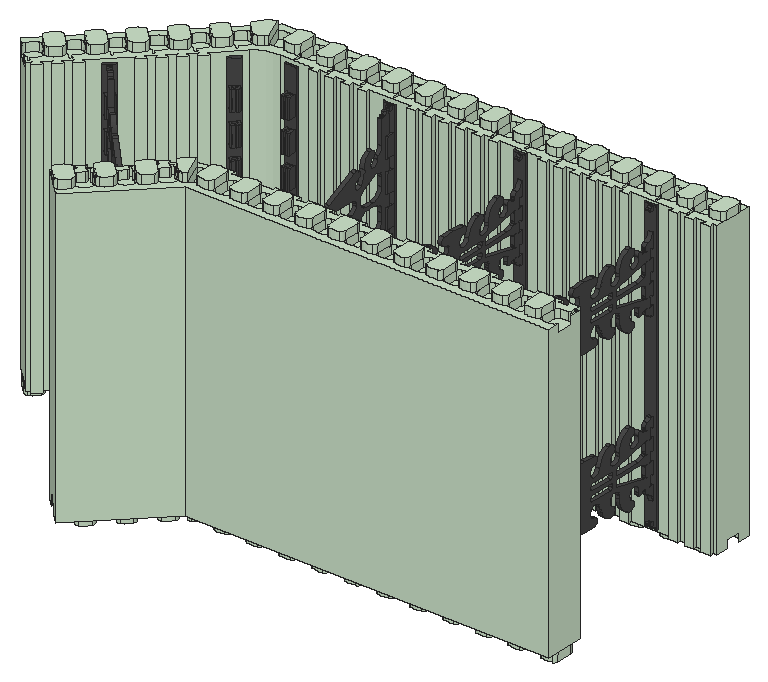
Revit family (continued)
Definition of nested family "NUDURA Logo Diamond Missing Outside Line"
  Lines and regions (in)
    model lines
      curve 210: arc (12.12077, 0, 6.90405) -> (12.08541, 0, 6.91869) -> (12.07077, 0, 6.95405) r 0.05
      curve 211: arc (12.16108, 0, 6.90405) -> (12.19644, 0, 6.91869) -> (12.21108, 0, 6.95405) r 0.05
      curve 212: arc (11.97077, 0, 6.99425) -> (11.95612, 0, 6.95889) -> (11.92077, 0, 6.94425) r 0.05
      curve 213: arc (11.90321, 0, 6.67694) -> (11.96756, 0, 6.70069) -> (12.00104, 0, 6.76055) r 0.09904
      curve 214: arc (12.00104, 0, 6.76055) -> (12.1681, 0, 6.63117) -> (12.31108, 0, 6.78674) r 0.15613
      curve 215: arc (12.08042, 0, 8.17826) -> (12.24181, 0, 8.22914) -> (12.31108, 0, 8.38353) r 0.20667
      curve 216: arc (11.82444, 0, 8.55476) -> (11.9976, 0, 8.3816) -> (12.17077, 0, 8.55476) r 0.17317
      curve 217: arc (11.82444, 0, 9.40811) -> (11.84638, 0, 9.34561) -> (11.90258, 0, 9.31053) r 0.1
      curve 218: arc (11.82444, 0, 9.51182) -> (11.8459, 0, 9.55306) -> (11.892, 0, 9.55913) r 0.05034
      curve 219: arc (11.24744, 0, 12.12855) -> (11.35727, 0, 12.39372) -> (11.62244, 0, 12.50355) r 0.375
      curve 220: arc (12.37244, 0, 12.50355) -> (12.6376, 0, 12.39372) -> (12.74744, 0, 12.12855) r 0.375
      curve 221: arc (11.24744, 0, 5.87855) -> (11.35727, 0, 5.61339) -> (11.62244, 0, 5.50355) r 0.375
      curve 222: arc (12.37244, 0, 5.50355) -> (12.6376, 0, 5.61339) -> (12.74744, 0, 5.87855) r 0.375
      curve 223: line (9.99744, 0, 18) -> (9.99744, 0, 0)
      curve 224: line (13.99744, 0, 18) -> (13.99744, 0, 0)
Definition of nested family "NUDURA Diamond Pattern Missing Two Lines"
  Reference planes (in)
    plane 1 "Center (Front/Back)": y = 0
    plane 2: z = 0
    plane 3 "Center (Left/Right)": x = 0
    plane 4: z = 18
  Lines and regions (in)
    model lines
      curve 1: line (2, -5.625, 18) -> (2, -5.625, 0)
      curve 2: line (3.35367, -5.625, 16.98484) -> (3.69709, -5.625, 16.64142)
      curve 3: arc (3.35367, -5.625, 17.51517) -> (3.24384, -5.625, 17.25) -> (3.35367, -5.625, 16.98484) r 0.375
      curve 4: line (3.72867, -5.625, 17.89017) -> (3.35367, -5.625, 17.51517)
      curve 5: arc (4.259, -5.625, 17.89017) -> (3.99384, -5.625, 18) -> (3.72867, -5.625, 17.89017) r 0.375
      curve 6: line (4.634, -5.625, 17.51517) -> (4.259, -5.625, 17.89017)
      curve 7: arc (4.634, -5.625, 16.98484) -> (4.74384, -5.625, 17.25) -> (4.634, -5.625, 17.51517) r 0.375
      curve 8: line (4.29059, -5.625, 16.64142) -> (4.634, -5.625, 16.98484)
      curve 9: arc (4.17062, -5.625, 17.80178) -> (3.99384, -5.625, 17.875) -> (3.81706, -5.625, 17.80178) r 0.25
      curve 10: line (4.54562, -5.625, 17.42678) -> (4.17062, -5.625, 17.80178)
      curve 11: arc (4.54562, -5.625, 17.07322) -> (4.61884, -5.625, 17.25) -> (4.54562, -5.625, 17.42678) r 0.25
      curve 12: line (4.17062, -5.625, 16.69822) -> (4.54562, -5.625, 17.07322)
      curve 13: arc (3.81706, -5.625, 16.69822) -> (3.99384, -5.625, 16.625) -> (4.17062, -5.625, 16.69822) r 0.25
      curve 14: line (3.44206, -5.625, 17.07322) -> (3.81706, -5.625, 16.69822)
      curve 15: arc (3.44206, -5.625, 17.42678) -> (3.36884, -5.625, 17.25) -> (3.44206, -5.625, 17.07322) r 0.25
      curve 16: line (3.81706, -5.625, 17.80178) -> (3.44206, -5.625, 17.42678)
      curve 17: arc (3.69709, -5.625, 16.35858) -> (3.75567, -5.625, 16.5) -> (3.69709, -5.625, 16.64142) r 0.2
      curve 18: line (4.634, -5.625, 16.01517) -> (4.29059, -5.625, 16.35858)
      curve 19: arc (4.634, -5.625, 15.48484) -> (4.74384, -5.625, 15.75) -> (4.634, -5.625, 16.01517) r 0.375
      curve 20: line (4.29059, -5.625, 15.14142) -> (4.634, -5.625, 15.48484)
      curve 21: line (3.35367, -5.625, 15.48484) -> (3.69709, -5.625, 15.14142)
      curve 22: arc (3.35367, -5.625, 16.01517) -> (3.24384, -5.625, 15.75) -> (3.35367, -5.625, 15.48484) r 0.375
      curve 23: line (3.69709, -5.625, 16.35858) -> (3.35367, -5.625, 16.01517)
      curve 24: arc (4.17062, -5.625, 16.30178) -> (3.99384, -5.625, 16.375) -> (3.81706, -5.625, 16.30178) r 0.25
      curve 25: line (3.81706, -5.625, 16.30178) -> (3.44206, -5.625, 15.92678)
      curve 26: arc (3.44206, -5.625, 15.92678) -> (3.36884, -5.625, 15.75) -> (3.44206, -5.625, 15.57322) r 0.25
      curve 27: line (3.44206, -5.625, 15.57322) -> (3.81706, -5.625, 15.19822)
      curve 28: arc (3.81706, -5.625, 15.19822) -> (3.99384, -5.625, 15.125) -> (4.17062, -5.625, 15.19822) r 0.25
      curve 29: line (4.17062, -5.625, 15.19822) -> (4.54562, -5.625, 15.57322)
      curve 30: arc (4.54562, -5.625, 15.57322) -> (4.61884, -5.625, 15.75) -> (4.54562, -5.625, 15.92678) r 0.25
      curve 31: line (4.54562, -5.625, 15.92678) -> (4.17062, -5.625, 16.30178)
      curve 32: arc (3.69709, -5.625, 14.85858) -> (3.75567, -5.625, 15) -> (3.69709, -5.625, 15.14142) r 0.2
      curve 33: line (4.634, -5.625, 14.51517) -> (4.29059, -5.625, 14.85858)
      curve 34: arc (4.634, -5.625, 13.98484) -> (4.74384, -5.625, 14.25) -> (4.634, -5.625, 14.51517) r 0.375
      curve 35: line (4.29059, -5.625, 13.64142) -> (4.634, -5.625, 13.98484)
      curve 36: line (3.35367, -5.625, 13.98484) -> (3.69709, -5.625, 13.64142)
      curve 37: arc (3.35367, -5.625, 14.51517) -> (3.24384, -5.625, 14.25) -> (3.35367, -5.625, 13.98484) r 0.375
      curve 38: line (3.69709, -5.625, 14.85858) -> (3.35367, -5.625, 14.51517)
      curve 39: arc (4.17062, -5.625, 14.80178) -> (3.99384, -5.625, 14.875) -> (3.81706, -5.625, 14.80178) r 0.25
      curve 40: line (3.81706, -5.625, 14.80178) -> (3.44206, -5.625, 14.42678)
      curve 41: arc (3.44206, -5.625, 14.42678) -> (3.36884, -5.625, 14.25) -> (3.44206, -5.625, 14.07322) r 0.25
      curve 42: line (3.44206, -5.625, 14.07322) -> (3.81706, -5.625, 13.69822)
      curve 43: arc (3.81706, -5.625, 13.69822) -> (3.99384, -5.625, 13.625) -> (4.17062, -5.625, 13.69822) r 0.25
      curve 44: line (4.17062, -5.625, 13.69822) -> (4.54562, -5.625, 14.07322)
      curve 45: arc (4.54562, -5.625, 14.07322) -> (4.61884, -5.625, 14.25) -> (4.54562, -5.625, 14.42678) r 0.25
      curve 46: line (4.54562, -5.625, 14.42678) -> (4.17062, -5.625, 14.80178)
      curve 47: arc (3.69709, -5.625, 13.35858) -> (3.75567, -5.625, 13.5) -> (3.69709, -5.625, 13.64142) r 0.2
      curve 48: line (4.634, -5.625, 13.01517) -> (4.29059, -5.625, 13.35858)
      curve 49: arc (4.634, -5.625, 12.48484) -> (4.74384, -5.625, 12.75) -> (4.634, -5.625, 13.01517) r 0.375
      curve 50: line (4.29059, -5.625, 12.14142) -> (4.634, -5.625, 12.48484)
      curve 51: line (3.35367, -5.625, 12.48484) -> (3.69709, -5.625, 12.14142)
      curve 52: arc (3.35367, -5.625, 13.01517) -> (3.24384, -5.625, 12.75) -> (3.35367, -5.625, 12.48484) r 0.375
      curve 53: line (3.69709, -5.625, 13.35858) -> (3.35367, -5.625, 13.01517)
      curve 54: arc (4.17062, -5.625, 13.30178) -> (3.99384, -5.625, 13.375) -> (3.81706, -5.625, 13.30178) r 0.25
      curve 55: line (3.81706, -5.625, 13.30178) -> (3.44206, -5.625, 12.92678)
      curve 56: arc (3.44206, -5.625, 12.92678) -> (3.36884, -5.625, 12.75) -> (3.44206, -5.625, 12.57322) r 0.25
      curve 57: line (3.44206, -5.625, 12.57322) -> (3.81706, -5.625, 12.19822)
      curve 58: arc (3.81706, -5.625, 12.19822) -> (3.99384, -5.625, 12.125) -> (4.17062, -5.625, 12.19822) r 0.25
      curve 59: line (4.17062, -5.625, 12.19822) -> (4.54562, -5.625, 12.57322)
      curve 60: arc (4.54562, -5.625, 12.57322) -> (4.61884, -5.625, 12.75) -> (4.54562, -5.625, 12.92678) r 0.25
      curve 61: line (4.54562, -5.625, 12.92678) -> (4.17062, -5.625, 13.30178)
      curve 62: arc (3.69709, -5.625, 11.85858) -> (3.75567, -5.625, 12) -> (3.69709, -5.625, 12.14142) r 0.2
      curve 63: line (4.634, -5.625, 11.51517) -> (4.29059, -5.625, 11.85858)
      curve 64: arc (4.634, -5.625, 10.98484) -> (4.74384, -5.625, 11.25) -> (4.634, -5.625, 11.51517) r 0.375
      curve 65: line (4.29059, -5.625, 10.64142) -> (4.634, -5.625, 10.98484)
      curve 66: line (3.35367, -5.625, 10.98484) -> (3.69709, -5.625, 10.64142)
      curve 67: arc (3.35367, -5.625, 11.51517) -> (3.24384, -5.625, 11.25) -> (3.35367, -5.625, 10.98484) r 0.375
      curve 68: line (3.69709, -5.625, 11.85858) -> (3.35367, -5.625, 11.51517)
      curve 69: arc (4.17062, -5.625, 11.80178) -> (3.99384, -5.625, 11.875) -> (3.81706, -5.625, 11.80178) r 0.25
      curve 70: line (3.81706, -5.625, 11.80178) -> (3.44206, -5.625, 11.42678)
      curve 71: arc (3.44206, -5.625, 11.42678) -> (3.36884, -5.625, 11.25) -> (3.44206, -5.625, 11.07322) r 0.25
      curve 72: line (3.44206, -5.625, 11.07322) -> (3.81706, -5.625, 10.69822)
      curve 73: arc (3.81706, -5.625, 10.69822) -> (3.99384, -5.625, 10.625) -> (4.17062, -5.625, 10.69822) r 0.25
      curve 74: line (4.17062, -5.625, 10.69822) -> (4.54562, -5.625, 11.07322)
      curve 75: arc (4.54562, -5.625, 11.07322) -> (4.61884, -5.625, 11.25) -> (4.54562, -5.625, 11.42678) r 0.25
      curve 76: line (4.54562, -5.625, 11.42678) -> (4.17062, -5.625, 11.80178)
      curve 77: arc (3.69709, -5.625, 10.35858) -> (3.75567, -5.625, 10.5) -> (3.69709, -5.625, 10.64142) r 0.2
      curve 78: line (4.634, -5.625, 10.01517) -> (4.29059, -5.625, 10.35858)
      curve 79: arc (4.634, -5.625, 9.48484) -> (4.74384, -5.625, 9.75) -> (4.634, -5.625, 10.01517) r 0.375
      curve 80: line (4.29059, -5.625, 9.14142) -> (4.634, -5.625, 9.48484)
      curve 81: line (3.35367, -5.625, 9.48484) -> (3.69709, -5.625, 9.14142)
      curve 82: arc (3.35367, -5.625, 10.01517) -> (3.24384, -5.625, 9.75) -> (3.35367, -5.625, 9.48484) r 0.375
      curve 83: line (3.69709, -5.625, 10.35858) -> (3.35367, -5.625, 10.01517)
      curve 84: arc (4.17062, -5.625, 10.30178) -> (3.99384, -5.625, 10.375) -> (3.81706, -5.625, 10.30178) r 0.25
      curve 85: line (3.81706, -5.625, 10.30178) -> (3.44206, -5.625, 9.92678)
      curve 86: arc (3.44206, -5.625, 9.92678) -> (3.36884, -5.625, 9.75) -> (3.44206, -5.625, 9.57322) r 0.25
      curve 87: line (3.44206, -5.625, 9.57322) -> (3.81706, -5.625, 9.19822)
      curve 88: arc (3.81706, -5.625, 9.19822) -> (3.99384, -5.625, 9.125) -> (4.17062, -5.625, 9.19822) r 0.25
      curve 89: line (4.17062, -5.625, 9.19822) -> (4.54562, -5.625, 9.57322)
      curve 90: arc (4.54562, -5.625, 9.57322) -> (4.61884, -5.625, 9.75) -> (4.54562, -5.625, 9.92678) r 0.25
      curve 91: line (4.54562, -5.625, 9.92678) -> (4.17062, -5.625, 10.30178)
      curve 92: arc (3.69709, -5.625, 8.85858) -> (3.75567, -5.625, 9) -> (3.69709, -5.625, 9.14142) r 0.2
      curve 93: line (4.634, -5.625, 8.51517) -> (4.29059, -5.625, 8.85858)
      curve 94: arc (4.634, -5.625, 7.98484) -> (4.74384, -5.625, 8.25) -> (4.634, -5.625, 8.51517) r 0.375
      curve 95: line (4.29059, -5.625, 7.64142) -> (4.634, -5.625, 7.98484)
      curve 96: line (3.35367, -5.625, 7.98484) -> (3.69709, -5.625, 7.64142)
      curve 97: arc (3.35367, -5.625, 8.51517) -> (3.24384, -5.625, 8.25) -> (3.35367, -5.625, 7.98484) r 0.375
      curve 98: line (3.69709, -5.625, 8.85858) -> (3.35367, -5.625, 8.51517)
      curve 99: arc (4.17062, -5.625, 8.80178) -> (3.99384, -5.625, 8.875) -> (3.81706, -5.625, 8.80178) r 0.25
      curve 100: line (3.81706, -5.625, 8.80178) -> (3.44206, -5.625, 8.42678)
      curve 101: arc (3.44206, -5.625, 8.42678) -> (3.36884, -5.625, 8.25) -> (3.44206, -5.625, 8.07322) r 0.25
      curve 102: line (3.44206, -5.625, 8.07322) -> (3.81706, -5.625, 7.69822)
      curve 103: arc (3.81706, -5.625, 7.69822) -> (3.99384, -5.625, 7.625) -> (4.17062, -5.625, 7.69822) r 0.25
      curve 104: line (4.17062, -5.625, 7.69822) -> (4.54562, -5.625, 8.07322)
      curve 105: arc (4.54562, -5.625, 8.07322) -> (4.61884, -5.625, 8.25) -> (4.54562, -5.625, 8.42678) r 0.25
      curve 106: line (4.54562, -5.625, 8.42678) -> (4.17062, -5.625, 8.80178)
      curve 107: arc (3.69709, -5.625, 7.35858) -> (3.75567, -5.625, 7.5) -> (3.69709, -5.625, 7.64142) r 0.2
      curve 108: line (4.634, -5.625, 7.01517) -> (4.29059, -5.625, 7.35858)
      curve 109: arc (4.634, -5.625, 6.48484) -> (4.74384, -5.625, 6.75) -> (4.634, -5.625, 7.01517) r 0.375
      curve 110: line (4.29059, -5.625, 6.14142) -> (4.634, -5.625, 6.48484)
      curve 111: line (3.35367, -5.625, 6.48484) -> (3.69709, -5.625, 6.14142)
      curve 112: arc (3.35367, -5.625, 7.01517) -> (3.24384, -5.625, 6.75) -> (3.35367, -5.625, 6.48484) r 0.375
      curve 113: line (3.69709, -5.625, 7.35858) -> (3.35367, -5.625, 7.01517)
      curve 114: arc (4.17062, -5.625, 7.30178) -> (3.99384, -5.625, 7.375) -> (3.81706, -5.625, 7.30178) r 0.25
      curve 115: line (3.81706, -5.625, 7.30178) -> (3.44206, -5.625, 6.92678)
      curve 116: arc (3.44206, -5.625, 6.92678) -> (3.36884, -5.625, 6.75) -> (3.44206, -5.625, 6.57322) r 0.25
      curve 117: line (3.44206, -5.625, 6.57322) -> (3.81706, -5.625, 6.19822)
      curve 118: arc (3.81706, -5.625, 6.19822) -> (3.99384, -5.625, 6.125) -> (4.17062, -5.625, 6.19822) r 0.25
      curve 119: line (4.17062, -5.625, 6.19822) -> (4.54562, -5.625, 6.57322)
      curve 120: arc (4.54562, -5.625, 6.57322) -> (4.61884, -5.625, 6.75) -> (4.54562, -5.625, 6.92678) r 0.25
      curve 121: line (4.54562, -5.625, 6.92678) -> (4.17062, -5.625, 7.30178)
      curve 122: arc (3.69709, -5.625, 5.85858) -> (3.75567, -5.625, 6) -> (3.69709, -5.625, 6.14142) r 0.2
      curve 123: line (4.634, -5.625, 5.51517) -> (4.29059, -5.625, 5.85858)
      curve 124: arc (4.634, -5.625, 4.98484) -> (4.74384, -5.625, 5.25) -> (4.634, -5.625, 5.51517) r 0.375
      curve 125: line (4.29059, -5.625, 4.64142) -> (4.634, -5.625, 4.98484)
      curve 126: line (3.35367, -5.625, 4.98484) -> (3.69709, -5.625, 4.64142)
      curve 127: arc (3.35367, -5.625, 5.51517) -> (3.24384, -5.625, 5.25) -> (3.35367, -5.625, 4.98484) r 0.375
      curve 128: line (3.69709, -5.625, 5.85858) -> (3.35367, -5.625, 5.51517)
      curve 129: arc (4.17062, -5.625, 5.80178) -> (3.99384, -5.625, 5.875) -> (3.81706, -5.625, 5.80178) r 0.25
      curve 130: line (3.81706, -5.625, 5.80178) -> (3.44206, -5.625, 5.42678)
      curve 131: arc (3.44206, -5.625, 5.42678) -> (3.36884, -5.625, 5.25) -> (3.44206, -5.625, 5.07322) r 0.25
      curve 132: line (3.44206, -5.625, 5.07322) -> (3.81706, -5.625, 4.69822)
      curve 133: arc (3.81706, -5.625, 4.69822) -> (3.99384, -5.625, 4.625) -> (4.17062, -5.625, 4.69822) r 0.25
      curve 134: line (4.17062, -5.625, 4.69822) -> (4.54562, -5.625, 5.07322)
      curve 135: arc (4.54562, -5.625, 5.07322) -> (4.61884, -5.625, 5.25) -> (4.54562, -5.625, 5.42678) r 0.25
      curve 136: line (4.54562, -5.625, 5.42678) -> (4.17062, -5.625, 5.80178)
      curve 137: arc (3.69709, -5.625, 4.35858) -> (3.75567, -5.625, 4.5) -> (3.69709, -5.625, 4.64142) r 0.2
      curve 138: line (4.634, -5.625, 4.01517) -> (4.29059, -5.625, 4.35858)
      curve 139: arc (4.634, -5.625, 3.48484) -> (4.74384, -5.625, 3.75) -> (4.634, -5.625, 4.01517) r 0.375
      curve 140: line (4.29059, -5.625, 3.14142) -> (4.634, -5.625, 3.48484)
      curve 141: line (3.35367, -5.625, 3.48484) -> (3.69709, -5.625, 3.14142)
      curve 142: arc (3.35367, -5.625, 4.01517) -> (3.24384, -5.625, 3.75) -> (3.35367, -5.625, 3.48484) r 0.375
      curve 143: line (3.69709, -5.625, 4.35858) -> (3.35367, -5.625, 4.01517)
      curve 144: arc (4.17062, -5.625, 4.30178) -> (3.99384, -5.625, 4.375) -> (3.81706, -5.625, 4.30178) r 0.25
      curve 145: line (3.81706, -5.625, 4.30178) -> (3.44206, -5.625, 3.92678)
      curve 146: arc (3.44206, -5.625, 3.92678) -> (3.36884, -5.625, 3.75) -> (3.44206, -5.625, 3.57322) r 0.25
      curve 147: line (3.44206, -5.625, 3.57322) -> (3.81706, -5.625, 3.19822)
      curve 148: arc (3.81706, -5.625, 3.19822) -> (3.99384, -5.625, 3.125) -> (4.17062, -5.625, 3.19822) r 0.25
      curve 149: line (4.17062, -5.625, 3.19822) -> (4.54562, -5.625, 3.57322)
      curve 150: arc (4.54562, -5.625, 3.57322) -> (4.61884, -5.625, 3.75) -> (4.54562, -5.625, 3.92678) r 0.25
      curve 151: line (4.54562, -5.625, 3.92678) -> (4.17062, -5.625, 4.30178)
      curve 152: arc (3.69709, -5.625, 2.85858) -> (3.75567, -5.625, 3) -> (3.69709, -5.625, 3.14142) r 0.2
      curve 153: line (4.634, -5.625, 2.51517) -> (4.29059, -5.625, 2.85858)
      curve 154: arc (4.634, -5.625, 1.98484) -> (4.74384, -5.625, 2.25) -> (4.634, -5.625, 2.51517) r 0.375
      curve 155: line (4.29059, -5.625, 1.64142) -> (4.634, -5.625, 1.98484)
      curve 156: line (3.35367, -5.625, 1.98484) -> (3.69709, -5.625, 1.64142)
      curve 157: arc (3.35367, -5.625, 2.51517) -> (3.24384, -5.625, 2.25) -> (3.35367, -5.625, 1.98484) r 0.375
      curve 158: line (3.69709, -5.625, 2.85858) -> (3.35367, -5.625, 2.51517)
      curve 159: arc (4.17062, -5.625, 2.80178) -> (3.99384, -5.625, 2.875) -> (3.81706, -5.625, 2.80178) r 0.25
      curve 160: line (3.81706, -5.625, 2.80178) -> (3.44206, -5.625, 2.42678)
      curve 161: arc (3.44206, -5.625, 2.42678) -> (3.36884, -5.625, 2.25) -> (3.44206, -5.625, 2.07322) r 0.25
      curve 162: line (3.44206, -5.625, 2.07322) -> (3.81706, -5.625, 1.69822)
      curve 163: arc (3.81706, -5.625, 1.69822) -> (3.99384, -5.625, 1.625) -> (4.17062, -5.625, 1.69822) r 0.25
      curve 164: line (4.17062, -5.625, 1.69822) -> (4.54562, -5.625, 2.07322)
      curve 165: arc (4.54562, -5.625, 2.07322) -> (4.61884, -5.625, 2.25) -> (4.54562, -5.625, 2.42678) r 0.25
      curve 166: line (4.54562, -5.625, 2.42678) -> (4.17062, -5.625, 2.80178)
      curve 167: arc (3.69709, -5.625, 1.35858) -> (3.75567, -5.625, 1.5) -> (3.69709, -5.625, 1.64142) r 0.2
      curve 168: line (3.69709, -5.625, 1.35858) -> (3.35367, -5.625, 1.01517)
      curve 169: arc (3.35367, -5.625, 1.01517) -> (3.24384, -5.625, 0.75) -> (3.35367, -5.625, 0.48484) r 0.375
      curve 170: line (3.35367, -5.625, 0.48484) -> (3.72867, -5.625, 0.10984)
      curve 171: arc (3.72867, -5.625, 0.10984) -> (3.99384, -5.625, 0) -> (4.259, -5.625, 0.10984) r 0.375
      curve 172: line (4.259, -5.625, 0.10984) -> (4.634, -5.625, 0.48484)
      curve 173: arc (4.634, -5.625, 0.48484) -> (4.74384, -5.625, 0.75) -> (4.634, -5.625, 1.01517) r 0.375
      curve 174: line (4.634, -5.625, 1.01517) -> (4.29059, -5.625, 1.35858)
      curve 175: arc (4.29059, -5.625, 1.64142) -> (4.23201, -5.625, 1.5) -> (4.29059, -5.625, 1.35858) r 0.2
      curve 176: arc (4.17062, -5.625, 1.30178) -> (3.99384, -5.625, 1.375) -> (3.81706, -5.625, 1.30178) r 0.25
      curve 177: line (4.54562, -5.625, 0.92678) -> (4.17062, -5.625, 1.30178)
      curve 178: arc (4.54562, -5.625, 0.57322) -> (4.61884, -5.625, 0.75) -> (4.54562, -5.625, 0.92678) r 0.25
      curve 179: line (4.17062, -5.625, 0.19822) -> (4.54562, -5.625, 0.57322)
      curve 180: arc (3.81706, -5.625, 0.19822) -> (3.99384, -5.625, 0.125) -> (4.17062, -5.625, 0.19822) r 0.25
      curve 181: line (3.44206, -5.625, 0.57322) -> (3.81706, -5.625, 0.19822)
      curve 182: arc (3.44206, -5.625, 0.92678) -> (3.36884, -5.625, 0.75) -> (3.44206, -5.625, 0.57322) r 0.25
      curve 183: line (3.81706, -5.625, 1.30178) -> (3.44206, -5.625, 0.92678)
      curve 184: arc (4.29059, -5.625, 3.14142) -> (4.23201, -5.625, 3) -> (4.29059, -5.625, 2.85858) r 0.2
      curve 185: arc (4.29059, -5.625, 4.64142) -> (4.23201, -5.625, 4.5) -> (4.29059, -5.625, 4.35858) r 0.2
      curve 186: arc (4.29059, -5.625, 6.14142) -> (4.23201, -5.625, 6) -> (4.29059, -5.625, 5.85858) r 0.2
      curve 187: arc (4.29059, -5.625, 7.64142) -> (4.23201, -5.625, 7.5) -> (4.29059, -5.625, 7.35858) r 0.2
      curve 188: arc (4.29059, -5.625, 9.14142) -> (4.23201, -5.625, 9) -> (4.29059, -5.625, 8.85858) r 0.2
      curve 189: arc (4.29059, -5.625, 10.64142) -> (4.23201, -5.625, 10.5) -> (4.29059, -5.625, 10.35858) r 0.2
      curve 190: arc (4.29059, -5.625, 12.14142) -> (4.23201, -5.625, 12) -> (4.29059, -5.625, 11.85858) r 0.2
      curve 191: arc (4.29059, -5.625, 13.64142) -> (4.23201, -5.625, 13.5) -> (4.29059, -5.625, 13.35858) r 0.2
      curve 192: arc (4.29059, -5.625, 15.14142) -> (4.23201, -5.625, 15) -> (4.29059, -5.625, 14.85858) r 0.2
      curve 193: arc (4.29059, -5.625, 16.64142) -> (4.23201, -5.625, 16.5) -> (4.29059, -5.625, 16.35858) r 0.2
Definition of nested family "NUDURA Diamond Pattern Missing one line"
  Reference planes (in)
    plane 1 "Center (Front/Back)": y = 0
    plane 2: z = 0
    plane 3 "Center (Left/Right)": x = 0
    plane 4: z = 18
  Lines and regions (in)
    model lines
      curve 1: line (6, -5.625, 18) -> (6, -5.625, 0)
      curve 2: line (2, -5.625, 18) -> (2, -5.625, 0)
      curve 3: line (3.35367, -5.625, 16.98484) -> (3.69709, -5.625, 16.64142)
      curve 4: arc (3.35367, -5.625, 17.51517) -> (3.24384, -5.625, 17.25) -> (3.35367, -5.625, 16.98484) r 0.375
      curve 5: line (3.72867, -5.625, 17.89017) -> (3.35367, -5.625, 17.51517)
      curve 6: arc (4.259, -5.625, 17.89017) -> (3.99384, -5.625, 18) -> (3.72867, -5.625, 17.89017) r 0.375
      curve 7: line (4.634, -5.625, 17.51517) -> (4.259, -5.625, 17.89017)
      curve 8: arc (4.634, -5.625, 16.98484) -> (4.74384, -5.625, 17.25) -> (4.634, -5.625, 17.51517) r 0.375
      curve 9: line (4.29059, -5.625, 16.64142) -> (4.634, -5.625, 16.98484)
      curve 10: arc (4.17062, -5.625, 17.80178) -> (3.99384, -5.625, 17.875) -> (3.81706, -5.625, 17.80178) r 0.25
      curve 11: line (4.54562, -5.625, 17.42678) -> (4.17062, -5.625, 17.80178)
      curve 12: arc (4.54562, -5.625, 17.07322) -> (4.61884, -5.625, 17.25) -> (4.54562, -5.625, 17.42678) r 0.25
      curve 13: line (4.17062, -5.625, 16.69822) -> (4.54562, -5.625, 17.07322)
      curve 14: arc (3.81706, -5.625, 16.69822) -> (3.99384, -5.625, 16.625) -> (4.17062, -5.625, 16.69822) r 0.25
      curve 15: line (3.44206, -5.625, 17.07322) -> (3.81706, -5.625, 16.69822)
      curve 16: arc (3.44206, -5.625, 17.42678) -> (3.36884, -5.625, 17.25) -> (3.44206, -5.625, 17.07322) r 0.25
      curve 17: line (3.81706, -5.625, 17.80178) -> (3.44206, -5.625, 17.42678)
      curve 18: arc (3.69709, -5.625, 16.35858) -> (3.75567, -5.625, 16.5) -> (3.69709, -5.625, 16.64142) r 0.2
      curve 19: line (4.634, -5.625, 16.01517) -> (4.29059, -5.625, 16.35858)
      curve 20: arc (4.634, -5.625, 15.48484) -> (4.74384, -5.625, 15.75) -> (4.634, -5.625, 16.01517) r 0.375
      curve 21: line (4.29059, -5.625, 15.14142) -> (4.634, -5.625, 15.48484)
      curve 22: line (3.35367, -5.625, 15.48484) -> (3.69709, -5.625, 15.14142)
      curve 23: arc (3.35367, -5.625, 16.01517) -> (3.24384, -5.625, 15.75) -> (3.35367, -5.625, 15.48484) r 0.375
      curve 24: line (3.69709, -5.625, 16.35858) -> (3.35367, -5.625, 16.01517)
      curve 25: arc (4.17062, -5.625, 16.30178) -> (3.99384, -5.625, 16.375) -> (3.81706, -5.625, 16.30178) r 0.25
      curve 26: line (3.81706, -5.625, 16.30178) -> (3.44206, -5.625, 15.92678)
      curve 27: arc (3.44206, -5.625, 15.92678) -> (3.36884, -5.625, 15.75) -> (3.44206, -5.625, 15.57322) r 0.25
      curve 28: line (3.44206, -5.625, 15.57322) -> (3.81706, -5.625, 15.19822)
      curve 29: arc (3.81706, -5.625, 15.19822) -> (3.99384, -5.625, 15.125) -> (4.17062, -5.625, 15.19822) r 0.25
      curve 30: line (4.17062, -5.625, 15.19822) -> (4.54562, -5.625, 15.57322)
      curve 31: arc (4.54562, -5.625, 15.57322) -> (4.61884, -5.625, 15.75) -> (4.54562, -5.625, 15.92678) r 0.25
      curve 32: line (4.54562, -5.625, 15.92678) -> (4.17062, -5.625, 16.30178)
      curve 33: arc (3.69709, -5.625, 14.85858) -> (3.75567, -5.625, 15) -> (3.69709, -5.625, 15.14142) r 0.2
      curve 34: line (4.634, -5.625, 14.51517) -> (4.29059, -5.625, 14.85858)
      curve 35: arc (4.634, -5.625, 13.98484) -> (4.74384, -5.625, 14.25) -> (4.634, -5.625, 14.51517) r 0.375
      curve 36: line (4.29059, -5.625, 13.64142) -> (4.634, -5.625, 13.98484)
      curve 37: line (3.35367, -5.625, 13.98484) -> (3.69709, -5.625, 13.64142)
      curve 38: arc (3.35367, -5.625, 14.51517) -> (3.24384, -5.625, 14.25) -> (3.35367, -5.625, 13.98484) r 0.375
      curve 39: line (3.69709, -5.625, 14.85858) -> (3.35367, -5.625, 14.51517)
      curve 40: arc (4.17062, -5.625, 14.80178) -> (3.99384, -5.625, 14.875) -> (3.81706, -5.625, 14.80178) r 0.25
      curve 41: line (3.81706, -5.625, 14.80178) -> (3.44206, -5.625, 14.42678)
      curve 42: arc (3.44206, -5.625, 14.42678) -> (3.36884, -5.625, 14.25) -> (3.44206, -5.625, 14.07322) r 0.25
      curve 43: line (3.44206, -5.625, 14.07322) -> (3.81706, -5.625, 13.69822)
      curve 44: arc (3.81706, -5.625, 13.69822) -> (3.99384, -5.625, 13.625) -> (4.17062, -5.625, 13.69822) r 0.25
      curve 45: line (4.17062, -5.625, 13.69822) -> (4.54562, -5.625, 14.07322)
      curve 46: arc (4.54562, -5.625, 14.07322) -> (4.61884, -5.625, 14.25) -> (4.54562, -5.625, 14.42678) r 0.25
      curve 47: line (4.54562, -5.625, 14.42678) -> (4.17062, -5.625, 14.80178)
      curve 48: arc (3.69709, -5.625, 13.35858) -> (3.75567, -5.625, 13.5) -> (3.69709, -5.625, 13.64142) r 0.2
      curve 49: line (4.634, -5.625, 13.01517) -> (4.29059, -5.625, 13.35858)
      curve 50: arc (4.634, -5.625, 12.48484) -> (4.74384, -5.625, 12.75) -> (4.634, -5.625, 13.01517) r 0.375
      curve 51: line (4.29059, -5.625, 12.14142) -> (4.634, -5.625, 12.48484)
      curve 52: line (3.35367, -5.625, 12.48484) -> (3.69709, -5.625, 12.14142)
      curve 53: arc (3.35367, -5.625, 13.01517) -> (3.24384, -5.625, 12.75) -> (3.35367, -5.625, 12.48484) r 0.375
      curve 54: line (3.69709, -5.625, 13.35858) -> (3.35367, -5.625, 13.01517)
      curve 55: arc (4.17062, -5.625, 13.30178) -> (3.99384, -5.625, 13.375) -> (3.81706, -5.625, 13.30178) r 0.25
      curve 56: line (3.81706, -5.625, 13.30178) -> (3.44206, -5.625, 12.92678)
      curve 57: arc (3.44206, -5.625, 12.92678) -> (3.36884, -5.625, 12.75) -> (3.44206, -5.625, 12.57322) r 0.25
      curve 58: line (3.44206, -5.625, 12.57322) -> (3.81706, -5.625, 12.19822)
      curve 59: arc (3.81706, -5.625, 12.19822) -> (3.99384, -5.625, 12.125) -> (4.17062, -5.625, 12.19822) r 0.25
      curve 60: line (4.17062, -5.625, 12.19822) -> (4.54562, -5.625, 12.57322)
      curve 61: arc (4.54562, -5.625, 12.57322) -> (4.61884, -5.625, 12.75) -> (4.54562, -5.625, 12.92678) r 0.25
      curve 62: line (4.54562, -5.625, 12.92678) -> (4.17062, -5.625, 13.30178)
      curve 63: arc (3.69709, -5.625, 11.85858) -> (3.75567, -5.625, 12) -> (3.69709, -5.625, 12.14142) r 0.2
      curve 64: line (4.634, -5.625, 11.51517) -> (4.29059, -5.625, 11.85858)
      curve 65: arc (4.634, -5.625, 10.98484) -> (4.74384, -5.625, 11.25) -> (4.634, -5.625, 11.51517) r 0.375
      curve 66: line (4.29059, -5.625, 10.64142) -> (4.634, -5.625, 10.98484)
      curve 67: line (3.35367, -5.625, 10.98484) -> (3.69709, -5.625, 10.64142)
      curve 68: arc (3.35367, -5.625, 11.51517) -> (3.24384, -5.625, 11.25) -> (3.35367, -5.625, 10.98484) r 0.375
      curve 69: line (3.69709, -5.625, 11.85858) -> (3.35367, -5.625, 11.51517)
      curve 70: arc (4.17062, -5.625, 11.80178) -> (3.99384, -5.625, 11.875) -> (3.81706, -5.625, 11.80178) r 0.25
      curve 71: line (3.81706, -5.625, 11.80178) -> (3.44206, -5.625, 11.42678)
      curve 72: arc (3.44206, -5.625, 11.42678) -> (3.36884, -5.625, 11.25) -> (3.44206, -5.625, 11.07322) r 0.25
      curve 73: line (3.44206, -5.625, 11.07322) -> (3.81706, -5.625, 10.69822)
      curve 74: arc (3.81706, -5.625, 10.69822) -> (3.99384, -5.625, 10.625) -> (4.17062, -5.625, 10.69822) r 0.25
      curve 75: line (4.17062, -5.625, 10.69822) -> (4.54562, -5.625, 11.07322)
      curve 76: arc (4.54562, -5.625, 11.07322) -> (4.61884, -5.625, 11.25) -> (4.54562, -5.625, 11.42678) r 0.25
      curve 77: line (4.54562, -5.625, 11.42678) -> (4.17062, -5.625, 11.80178)
      curve 78: arc (3.69709, -5.625, 10.35858) -> (3.75567, -5.625, 10.5) -> (3.69709, -5.625, 10.64142) r 0.2
      curve 79: line (4.634, -5.625, 10.01517) -> (4.29059, -5.625, 10.35858)
      curve 80: arc (4.634, -5.625, 9.48484) -> (4.74384, -5.625, 9.75) -> (4.634, -5.625, 10.01517) r 0.375
      curve 81: line (4.29059, -5.625, 9.14142) -> (4.634, -5.625, 9.48484)
      curve 82: line (3.35367, -5.625, 9.48484) -> (3.69709, -5.625, 9.14142)
      curve 83: arc (3.35367, -5.625, 10.01517) -> (3.24384, -5.625, 9.75) -> (3.35367, -5.625, 9.48484) r 0.375
      curve 84: line (3.69709, -5.625, 10.35858) -> (3.35367, -5.625, 10.01517)
      curve 85: arc (4.17062, -5.625, 10.30178) -> (3.99384, -5.625, 10.375) -> (3.81706, -5.625, 10.30178) r 0.25
      curve 86: line (3.81706, -5.625, 10.30178) -> (3.44206, -5.625, 9.92678)
      curve 87: arc (3.44206, -5.625, 9.92678) -> (3.36884, -5.625, 9.75) -> (3.44206, -5.625, 9.57322) r 0.25
      curve 88: line (3.44206, -5.625, 9.57322) -> (3.81706, -5.625, 9.19822)
      curve 89: arc (3.81706, -5.625, 9.19822) -> (3.99384, -5.625, 9.125) -> (4.17062, -5.625, 9.19822) r 0.25
      curve 90: line (4.17062, -5.625, 9.19822) -> (4.54562, -5.625, 9.57322)
      curve 91: arc (4.54562, -5.625, 9.57322) -> (4.61884, -5.625, 9.75) -> (4.54562, -5.625, 9.92678) r 0.25
      curve 92: line (4.54562, -5.625, 9.92678) -> (4.17062, -5.625, 10.30178)
      curve 93: arc (3.69709, -5.625, 8.85858) -> (3.75567, -5.625, 9) -> (3.69709, -5.625, 9.14142) r 0.2
      curve 94: line (4.634, -5.625, 8.51517) -> (4.29059, -5.625, 8.85858)
      curve 95: arc (4.634, -5.625, 7.98484) -> (4.74384, -5.625, 8.25) -> (4.634, -5.625, 8.51517) r 0.375
      curve 96: line (4.29059, -5.625, 7.64142) -> (4.634, -5.625, 7.98484)
      curve 97: line (3.35367, -5.625, 7.98484) -> (3.69709, -5.625, 7.64142)
      curve 98: arc (3.35367, -5.625, 8.51517) -> (3.24384, -5.625, 8.25) -> (3.35367, -5.625, 7.98484) r 0.375
      curve 99: line (3.69709, -5.625, 8.85858) -> (3.35367, -5.625, 8.51517)
      curve 100: arc (4.17062, -5.625, 8.80178) -> (3.99384, -5.625, 8.875) -> (3.81706, -5.625, 8.80178) r 0.25
      curve 101: line (3.81706, -5.625, 8.80178) -> (3.44206, -5.625, 8.42678)
      curve 102: arc (3.44206, -5.625, 8.42678) -> (3.36884, -5.625, 8.25) -> (3.44206, -5.625, 8.07322) r 0.25
      curve 103: line (3.44206, -5.625, 8.07322) -> (3.81706, -5.625, 7.69822)
      curve 104: arc (3.81706, -5.625, 7.69822) -> (3.99384, -5.625, 7.625) -> (4.17062, -5.625, 7.69822) r 0.25
      curve 105: line (4.17062, -5.625, 7.69822) -> (4.54562, -5.625, 8.07322)
      curve 106: arc (4.54562, -5.625, 8.07322) -> (4.61884, -5.625, 8.25) -> (4.54562, -5.625, 8.42678) r 0.25
      curve 107: line (4.54562, -5.625, 8.42678) -> (4.17062, -5.625, 8.80178)
      curve 108: arc (3.69709, -5.625, 7.35858) -> (3.75567, -5.625, 7.5) -> (3.69709, -5.625, 7.64142) r 0.2
      curve 109: line (4.634, -5.625, 7.01517) -> (4.29059, -5.625, 7.35858)
      curve 110: arc (4.634, -5.625, 6.48484) -> (4.74384, -5.625, 6.75) -> (4.634, -5.625, 7.01517) r 0.375
      curve 111: line (4.29059, -5.625, 6.14142) -> (4.634, -5.625, 6.48484)
      curve 112: line (3.35367, -5.625, 6.48484) -> (3.69709, -5.625, 6.14142)
      curve 113: arc (3.35367, -5.625, 7.01517) -> (3.24384, -5.625, 6.75) -> (3.35367, -5.625, 6.48484) r 0.375
      curve 114: line (3.69709, -5.625, 7.35858) -> (3.35367, -5.625, 7.01517)
      curve 115: arc (4.17062, -5.625, 7.30178) -> (3.99384, -5.625, 7.375) -> (3.81706, -5.625, 7.30178) r 0.25
      curve 116: line (3.81706, -5.625, 7.30178) -> (3.44206, -5.625, 6.92678)
      curve 117: arc (3.44206, -5.625, 6.92678) -> (3.36884, -5.625, 6.75) -> (3.44206, -5.625, 6.57322) r 0.25
      curve 118: line (3.44206, -5.625, 6.57322) -> (3.81706, -5.625, 6.19822)
      curve 119: arc (3.81706, -5.625, 6.19822) -> (3.99384, -5.625, 6.125) -> (4.17062, -5.625, 6.19822) r 0.25
      curve 120: line (4.17062, -5.625, 6.19822) -> (4.54562, -5.625, 6.57322)
      curve 121: arc (4.54562, -5.625, 6.57322) -> (4.61884, -5.625, 6.75) -> (4.54562, -5.625, 6.92678) r 0.25
      curve 122: line (4.54562, -5.625, 6.92678) -> (4.17062, -5.625, 7.30178)
      curve 123: arc (3.69709, -5.625, 5.85858) -> (3.75567, -5.625, 6) -> (3.69709, -5.625, 6.14142) r 0.2
      curve 124: line (4.634, -5.625, 5.51517) -> (4.29059, -5.625, 5.85858)
      curve 125: arc (4.634, -5.625, 4.98484) -> (4.74384, -5.625, 5.25) -> (4.634, -5.625, 5.51517) r 0.375
      curve 126: line (4.29059, -5.625, 4.64142) -> (4.634, -5.625, 4.98484)
      curve 127: line (3.35367, -5.625, 4.98484) -> (3.69709, -5.625, 4.64142)
      curve 128: arc (3.35367, -5.625, 5.51517) -> (3.24384, -5.625, 5.25) -> (3.35367, -5.625, 4.98484) r 0.375
      curve 129: line (3.69709, -5.625, 5.85858) -> (3.35367, -5.625, 5.51517)
      curve 130: arc (4.17062, -5.625, 5.80178) -> (3.99384, -5.625, 5.875) -> (3.81706, -5.625, 5.80178) r 0.25
      curve 131: line (3.81706, -5.625, 5.80178) -> (3.44206, -5.625, 5.42678)
      curve 132: arc (3.44206, -5.625, 5.42678) -> (3.36884, -5.625, 5.25) -> (3.44206, -5.625, 5.07322) r 0.25
      curve 133: line (3.44206, -5.625, 5.07322) -> (3.81706, -5.625, 4.69822)
      curve 134: arc (3.81706, -5.625, 4.69822) -> (3.99384, -5.625, 4.625) -> (4.17062, -5.625, 4.69822) r 0.25
      curve 135: line (4.17062, -5.625, 4.69822) -> (4.54562, -5.625, 5.07322)
      curve 136: arc (4.54562, -5.625, 5.07322) -> (4.61884, -5.625, 5.25) -> (4.54562, -5.625, 5.42678) r 0.25
      curve 137: line (4.54562, -5.625, 5.42678) -> (4.17062, -5.625, 5.80178)
      curve 138: arc (3.69709, -5.625, 4.35858) -> (3.75567, -5.625, 4.5) -> (3.69709, -5.625, 4.64142) r 0.2
      curve 139: line (4.634, -5.625, 4.01517) -> (4.29059, -5.625, 4.35858)
      curve 140: arc (4.634, -5.625, 3.48484) -> (4.74384, -5.625, 3.75) -> (4.634, -5.625, 4.01517) r 0.375
      curve 141: line (4.29059, -5.625, 3.14142) -> (4.634, -5.625, 3.48484)
      curve 142: line (3.35367, -5.625, 3.48484) -> (3.69709, -5.625, 3.14142)
      curve 143: arc (3.35367, -5.625, 4.01517) -> (3.24384, -5.625, 3.75) -> (3.35367, -5.625, 3.48484) r 0.375
      curve 144: line (3.69709, -5.625, 4.35858) -> (3.35367, -5.625, 4.01517)
      curve 145: arc (4.17062, -5.625, 4.30178) -> (3.99384, -5.625, 4.375) -> (3.81706, -5.625, 4.30178) r 0.25
      curve 146: line (3.81706, -5.625, 4.30178) -> (3.44206, -5.625, 3.92678)
      curve 147: arc (3.44206, -5.625, 3.92678) -> (3.36884, -5.625, 3.75) -> (3.44206, -5.625, 3.57322) r 0.25
      curve 148: line (3.44206, -5.625, 3.57322) -> (3.81706, -5.625, 3.19822)
      curve 149: arc (3.81706, -5.625, 3.19822) -> (3.99384, -5.625, 3.125) -> (4.17062, -5.625, 3.19822) r 0.25
      curve 150: line (4.17062, -5.625, 3.19822) -> (4.54562, -5.625, 3.57322)
      curve 151: arc (4.54562, -5.625, 3.57322) -> (4.61884, -5.625, 3.75) -> (4.54562, -5.625, 3.92678) r 0.25
      curve 152: line (4.54562, -5.625, 3.92678) -> (4.17062, -5.625, 4.30178)
      curve 153: arc (3.69709, -5.625, 2.85858) -> (3.75567, -5.625, 3) -> (3.69709, -5.625, 3.14142) r 0.2
      curve 154: line (4.634, -5.625, 2.51517) -> (4.29059, -5.625, 2.85858)
      curve 155: arc (4.634, -5.625, 1.98484) -> (4.74384, -5.625, 2.25) -> (4.634, -5.625, 2.51517) r 0.375
      curve 156: line (4.29059, -5.625, 1.64142) -> (4.634, -5.625, 1.98484)
      curve 157: line (3.35367, -5.625, 1.98484) -> (3.69709, -5.625, 1.64142)
      curve 158: arc (3.35367, -5.625, 2.51517) -> (3.24384, -5.625, 2.25) -> (3.35367, -5.625, 1.98484) r 0.375
      curve 159: line (3.69709, -5.625, 2.85858) -> (3.35367, -5.625, 2.51517)
      curve 160: arc (4.17062, -5.625, 2.80178) -> (3.99384, -5.625, 2.875) -> (3.81706, -5.625, 2.80178) r 0.25
      curve 161: line (3.81706, -5.625, 2.80178) -> (3.44206, -5.625, 2.42678)
      curve 162: arc (3.44206, -5.625, 2.42678) -> (3.36884, -5.625, 2.25) -> (3.44206, -5.625, 2.07322) r 0.25
      curve 163: line (3.44206, -5.625, 2.07322) -> (3.81706, -5.625, 1.69822)
      curve 164: arc (3.81706, -5.625, 1.69822) -> (3.99384, -5.625, 1.625) -> (4.17062, -5.625, 1.69822) r 0.25
      curve 165: line (4.17062, -5.625, 1.69822) -> (4.54562, -5.625, 2.07322)
      curve 166: arc (4.54562, -5.625, 2.07322) -> (4.61884, -5.625, 2.25) -> (4.54562, -5.625, 2.42678) r 0.25
      curve 167: line (4.54562, -5.625, 2.42678) -> (4.17062, -5.625, 2.80178)
      curve 168: arc (3.69709, -5.625, 1.35858) -> (3.75567, -5.625, 1.5) -> (3.69709, -5.625, 1.64142) r 0.2
      curve 169: line (3.69709, -5.625, 1.35858) -> (3.35367, -5.625, 1.01517)
      curve 170: arc (3.35367, -5.625, 1.01517) -> (3.24384, -5.625, 0.75) -> (3.35367, -5.625, 0.48484) r 0.375
      curve 171: line (3.35367, -5.625, 0.48484) -> (3.72867, -5.625, 0.10984)
      curve 172: arc (3.72867, -5.625, 0.10984) -> (3.99384, -5.625, 0) -> (4.259, -5.625, 0.10984) r 0.375
      curve 173: line (4.259, -5.625, 0.10984) -> (4.634, -5.625, 0.48484)
      curve 174: arc (4.634, -5.625, 0.48484) -> (4.74384, -5.625, 0.75) -> (4.634, -5.625, 1.01517) r 0.375
      curve 175: line (4.634, -5.625, 1.01517) -> (4.29059, -5.625, 1.35858)
      curve 176: arc (4.29059, -5.625, 1.64142) -> (4.23201, -5.625, 1.5) -> (4.29059, -5.625, 1.35858) r 0.2
      curve 177: arc (4.17062, -5.625, 1.30178) -> (3.99384, -5.625, 1.375) -> (3.81706, -5.625, 1.30178) r 0.25
      curve 178: line (4.54562, -5.625, 0.92678) -> (4.17062, -5.625, 1.30178)
      curve 179: arc (4.54562, -5.625, 0.57322) -> (4.61884, -5.625, 0.75) -> (4.54562, -5.625, 0.92678) r 0.25
      curve 180: line (4.17062, -5.625, 0.19822) -> (4.54562, -5.625, 0.57322)
      curve 181: arc (3.81706, -5.625, 0.19822) -> (3.99384, -5.625, 0.125) -> (4.17062, -5.625, 0.19822) r 0.25
      curve 182: line (3.44206, -5.625, 0.57322) -> (3.81706, -5.625, 0.19822)
      curve 183: arc (3.44206, -5.625, 0.92678) -> (3.36884, -5.625, 0.75) -> (3.44206, -5.625, 0.57322) r 0.25
      curve 184: line (3.81706, -5.625, 1.30178) -> (3.44206, -5.625, 0.92678)
      curve 185: arc (4.29059, -5.625, 3.14142) -> (4.23201, -5.625, 3) -> (4.29059, -5.625, 2.85858) r 0.2
      curve 186: arc (4.29059, -5.625, 4.64142) -> (4.23201, -5.625, 4.5) -> (4.29059, -5.625, 4.35858) r 0.2
      curve 187: arc (4.29059, -5.625, 6.14142) -> (4.23201, -5.625, 6) -> (4.29059, -5.625, 5.85858) r 0.2
      curve 188: arc (4.29059, -5.625, 7.64142) -> (4.23201, -5.625, 7.5) -> (4.29059, -5.625, 7.35858) r 0.2
      curve 189: arc (4.29059, -5.625, 9.14142) -> (4.23201, -5.625, 9) -> (4.29059, -5.625, 8.85858) r 0.2
      curve 190: arc (4.29059, -5.625, 10.64142) -> (4.23201, -5.625, 10.5) -> (4.29059, -5.625, 10.35858) r 0.2
      curve 191: arc (4.29059, -5.625, 12.14142) -> (4.23201, -5.625, 12) -> (4.29059, -5.625, 11.85858) r 0.2
      curve 192: arc (4.29059, -5.625, 13.64142) -> (4.23201, -5.625, 13.5) -> (4.29059, -5.625, 13.35858) r 0.2
      curve 193: arc (4.29059, -5.625, 15.14142) -> (4.23201, -5.625, 15) -> (4.29059, -5.625, 14.85858) r 0.2
      curve 194: arc (4.29059, -5.625, 16.64142) -> (4.23201, -5.625, 16.5) -> (4.29059, -5.625, 16.35858) r 0.2
